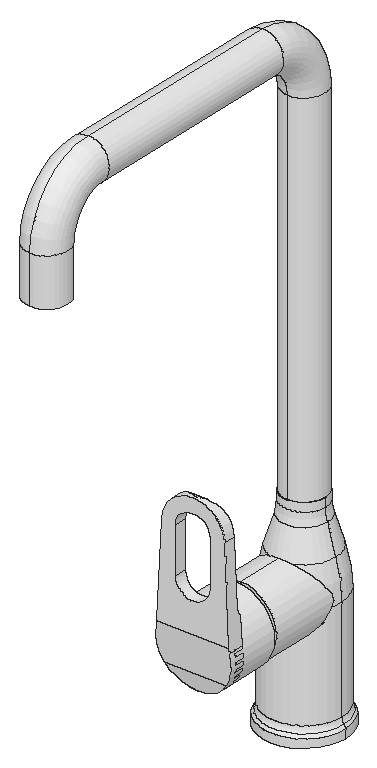
Revit family "KR5025551_Grifería para Lavaplatos Monocontrol Koral Mate Black", category Plumbing Fixtures, host Face, Revit 2019
Family settings
  Host = Face
  Round Connector Dimension = Use Diameter
  Part Type = Normal
  OmniClass Number = 23.31.11.00
  OmniClass Title = Faucets
  Cut with Voids When Loaded = No
  Shared = No
  Room Calculation Point = No
Parameters
  URL = "https://corona.co/productos/griferias/griferia-para-lavaplatos-monocontrol-koral/p/KR5025551"
  Temperatura de uso = "4ºC a 60ºC"  # constant formula
  Reference = "KR5025551"  # constant formula
  Profundidad = 221 mm
  Presion minima = "20 psi (138 Kpa)"  # constant formula
  Presion maxima = "125 psi (862 Kpa)"  # constant formula
  Peso Neto aprox = "988 gr. - 2,17 lb"  # constant formula
  Material = Corona_Mate_Black
  Garantía = "30 años"  # constant formula
  Fecha de creación = "09/10/2020"  # constant formula
  Fabricante = "Corona"  # constant formula
  Dimensiones generales producto (H * W * D) = "988 gr. - 2,17 lb"  # constant formula
  Default Elevation = 1219.2 mm
  Creado por = "IDD"  # constant formula
  Capacidad de flujo = "60 psi: 7,28 L/min"  # constant formula
  Ancho = 48 mm
  Alto = 370 mm
Reference planes
  plane 1 "Center (Front/Back)": y = 0
  plane 2: z = 0
  plane 3 "Center (Left/Right)": x = 0
  plane 4: z = 370
  plane 5: x = -569.784
  plane 6: x = 185
  plane 7: z = 358
  plane 8: y = -185
  plane 9: x = 21.833
  plane 10: x = -21.833
  plane 11: y = 24
  plane 12: y = -197
Forms (mm)
  Revolve 1, solid, material "Corona_Mate_Black" <- "Material", detail levels medium+fine
    sketch origin (0, 0, 0) x (1, 0, 0) y (0, 0, 1)
      loop
        line (0, 120) -> (-12.301, 120) -> (-12.301, 115.083)
        arc (-12.301, 115.083) -> (-12.575, 111.388) -> (-13.393, 107.774) r 25
        line (-13.393, 107.774) -> (-18.413, 91.354)
        arc (-18.413, 91.354) -> (-20.866, 80.512) -> (-21.69, 69.426) r 75
        line (-21.69, 69.426) -> (-21.69, 10.5)
        arc (-21.69, 10.5) -> (-21.962, 8.628) -> (-22.755, 6.911) r 6.576
        line (-22.755, 6.911) -> (-24, 5) -> (-24, 0) -> (0, 0) -> (0, 120)
      axis (0, 0) -> (0, 120)
    angle from 0 to 360
  Sweep 2, solid, material "Corona_Mate_Black" <- "Material", detail levels medium+fine
    path origin (0, 0, 0) x (0, -1, 0) y (0, 0, 1)
      loop
        line (0, 120) -> (0, 328)
        arc (0, 328) -> (8.787, 349.213) -> (30, 358) r 30
        line (30, 358) -> (155, 358)
        arc (155, 358) -> (176.213, 349.213) -> (185, 328) r 30
        line (185, 328) -> (185, 300.67)
    profile origin (0, 0, 224) x (0, 1, 0) y (-1, 0, 0)
      loop
        circle (0, 0) r 12
  Revolve 3, solid, material "Corona_Mate_Black" <- "Material", detail levels medium+fine
    sketch origin (0, 0, 0) x (0, 1, 0) y (0, 0, 1)
      loop
        line (-76.437, 71.689) -> (-76.437, 49.857) -> (-48.931, 49.857) -> (-48.931, 54.677) -> (-45.876, 54.677) -> (-45.876, 50.926) -> (0, 50.926) -> (0, 71.689) -> (-76.437, 71.689)
      axis (0, 71.689) -> (-76.437, 71.689)
    angle from 0 to 360
  Extrusion 4, solid, material "Corona_Mate_Black" <- "Material", detail levels medium+fine
    sketch origin (0, 0, 0) x (0, 1, 0) y (0, 0, 1)
      loop
        line (-76.437, 49.857) -> (-71.218, 50.778) -> (-71.218, 93.509) -> (-71.844, 94.053)
        arc (-71.844, 94.053) -> (-72.776, 95.3) -> (-73.106, 96.822) r 3.669
        line (-73.106, 96.822) -> (-73.106, 143.988)
        arc (-73.106, 143.988) -> (-74.265, 146.984) -> (-76.038, 149.663) r 14.936
        arc (-76.038, 149.663) -> (-77.022, 150.425) -> (-78.237, 150.697) r 2.857
        line (-78.237, 150.697) -> (-79.91, 150.697) -> (-79.91, 80.183)
        arc (-79.91, 80.183) -> (-79.448, 69.594) -> (-78.064, 59.086) r 121.495
        line (-78.064, 59.086) -> (-76.437, 49.857)
    from -21.833 to 21.833
  Extrusion 5, void, detail levels medium+fine
    sketch origin (0, 0, 0) x (1, 0, 0) y (0, 0, 1)
      loop
        arc (-20.984, 77.713) -> (-17.437, 58.553) -> (0, 49.857) r 21.831
        arc (0, 49.857) -> (17.437, 58.553) -> (20.984, 77.713) r 21.831
        line (20.984, 77.713) -> (18.047, 133.57)
        arc (18.047, 133.57) -> (0, 150.697) -> (-18.056, 133.571) r 18.072
        line (-18.056, 133.571) -> (-20.984, 77.713)
      loop
        line (-25.931, 136.17) -> (-29.362, 70.711)
        arc (-29.362, 70.711) -> (-22.882, 46.3) -> (0, 35.607) r 29.831
        arc (0, 35.607) -> (22.882, 46.3) -> (29.362, 70.711) r 29.831
        line (29.362, 70.711) -> (25.931, 136.17)
        arc (25.931, 136.17) -> (0, 164.947) -> (-25.931, 136.17) r 26.072
    from 48.931 to 98.911
  Extrusion 6, void, detail levels medium+fine
    sketch origin (0, 0, 0) x (1, 0, 0) y (0, 0, 1)
      loop
        line (-10.058, 133.152) -> (-10.058, 106.848)
        arc (-10.058, 106.848) -> (0, 97.303) -> (10.058, 106.848) r 10.072
        line (10.058, 106.848) -> (10.058, 133.152)
        arc (10.058, 133.152) -> (0, 142.697) -> (-10.058, 133.152) r 10.072
    from 45.876 to 118.106
  Extrusion 7, solid, material "Cubo", detail levels coarse
    sketch origin (0, 0, 0) x (1, 0, 0) y (0, 1, 0)
      loop
        line (-24, 23.983) -> (-24, -197) -> (24, -197) -> (24, 23.983) -> (-24, 23.983)
    from 0 to 370
Cuts and joins
  Extrusion 5, Extrusion 6 cuts Sweep 2
  Extrusion 5 cuts Revolve 3
  Extrusion 5, Extrusion 6 cuts Extrusion 4
  Extrusion 6 cuts Revolve 1
Lines and regions (mm)
  model lines
    curve 1: line (-24, 0, 5) -> (24, 0, 5)
    curve 2: line (24, 0, 0) -> (-24, 0, 0)
Dimensions and locks
  plane 4 to host face = 370 mm
  plane 6 to plane 3 "Center (Left/Right)" = 185 mm
  "Alto": plane 4 to host face
  "Ancho": Extrusion 7 to Extrusion 7
  "Profundidad": plane 12 to plane 11
  aligned and locked: plane 2 to host face
  aligned and locked: level to host face
Automatic sketch dimensions
  curve 2 to level = 0 mm
  curve 2 to plane 10 = 2.167 mm
  curve 1 to plane 10 = 2.167 mm
  curve 2 to plane 9 = 2.167 mm
  curve 1 to plane 9 = 2.167 mm
  curve 2 to curve 1 = 5 mm
  host sketch curve to host sketch curve = 2438.4 mm  (x2)
  Revolve 1 sketch curve to level = 0 mm
  Revolve 1 sketch curve to plane 3 "Center (Left/Right)" = 0 mm  (x2)
  plane 10 to Revolve 1 sketch curve = 9.532 mm
  Revolve 1 sketch curve to Revolve 1 sketch curve = 1.092 mm
  plane 10 to Revolve 1 sketch curve = 3.42 mm
  plane 10 to Revolve 1 sketch curve = 0.143 mm
  Revolve 1 sketch curve to plane 10 = 0.923 mm
  Revolve 1 sketch curve to plane 10 = 2.167 mm
  Revolve 1 sketch curve to plane 10 = 6.433 mm
  Revolve 1 sketch curve to plane 10 = 15.468 mm
  Revolve 1 sketch curve to plane 9 = 31.477 mm
  Revolve 1 sketch curve to Revolve 1 sketch curve = 5 mm  (x2)
  Revolve 1 sketch curve to Revolve 1 sketch curve = 1.911 mm
  Revolve 1 sketch curve to Revolve 1 sketch curve = 58.926 mm
  Revolve 1 sketch curve to Revolve 1 sketch curve = 16.42 mm
  Revolve 1 sketch curve to Revolve 1 sketch curve = 4.917 mm
  Revolve 1 sketch curve to Revolve 1 sketch curve = 0 mm
  Sweep 2 sketch curve to plane 1 "Center (Front/Back)" = 0 mm
  Sweep 2 sketch curve to plane 7 = 0 mm
  Sweep 2 sketch curve to plane 8 = 0 mm
  plane 1 "Center (Front/Back)" to Sweep 2 sketch curve = 30 mm
  Sweep 2 sketch curve to plane 7 = 30 mm
  Sweep 2 sketch curve to Sweep 2 sketch curve = 27.33 mm
  level to Sweep 2 sketch curve = 120 mm
  profile plane to Sweep 2 sketch curve = 0 mm
  Sweep 2 sketch curve to profile plane = 0 mm
  Revolve 3 sketch curve to plane 1 "Center (Front/Back)" = 0 mm
  plane 1 "Center (Front/Back)" to Revolve 3 sketch curve = 45.876 mm
  Revolve 3 sketch curve to Revolve 3 sketch curve = 3.055 mm
  Revolve 3 sketch curve to Revolve 3 sketch curve = 27.506 mm
  level to Revolve 3 sketch curve = 49.857 mm
  Revolve 3 sketch curve to Revolve 3 sketch curve = 1.069 mm
  Revolve 3 sketch curve to Revolve 3 sketch curve = 3.751 mm
  Revolve 3 sketch curve to Revolve 3 sketch curve = 21.831 mm
  Revolve 3 sketch curve to Revolve 3 sketch curve = 6.926 mm
  Revolve 3 sketch curve to Revolve 3 sketch curve = 11.637 mm
  Revolve 3 sketch curve to Revolve 3 sketch curve = 0 mm
  plane 1 "Center (Front/Back)" to Extrusion 4 sketch curve = 87.535 mm
  Extrusion 4 sketch curve to Extrusion 4 sketch curve = 7.625 mm
  Extrusion 4 sketch curve to Extrusion 4 sketch curve = 1.673 mm
  level to Extrusion 4 sketch curve = 59.086 mm
  Extrusion 4 sketch curve to Extrusion 4 sketch curve = 1.846 mm
  Extrusion 4 sketch curve to Extrusion 4 sketch curve = 1.627 mm
  Extrusion 4 sketch curve to Extrusion 4 sketch curve = 5.131 mm
  Extrusion 4 sketch curve to Extrusion 4 sketch curve = 1.262 mm
  Extrusion 4 sketch curve to Extrusion 4 sketch curve = 0.626 mm
  Extrusion 4 sketch curve to Extrusion 4 sketch curve = 3.669 mm
  Extrusion 4 sketch curve to plane 11 = 17.585 mm
  Extrusion 4 sketch curve to Extrusion 4 sketch curve = 8.308 mm
  Extrusion 4 sketch curve to Extrusion 4 sketch curve = 13.326 mm
  Extrusion 4 sketch curve to Extrusion 4 sketch curve = 0.544 mm
  Extrusion 4 sketch curve to Extrusion 4 sketch curve = 43.308 mm
  Extrusion 4 sketch curve to Extrusion 4 sketch curve = 3.858 mm
  Extrusion 4 sketch curve to Extrusion 4 sketch curve = 3.852 mm
  Extrusion 4 sketch curve to Extrusion 4 sketch curve = 2.857 mm
  Extrusion 5 sketch curve to Extrusion 5 sketch curve = 0 mm  (x6)
  Extrusion 5 sketch curve to plane 3 "Center (Left/Right)" = 0 mm  (x4)
  plane 10 to Extrusion 5 sketch curve = 0.849 mm
  Extrusion 5 sketch curve to plane 10 = 4.098 mm
  Extrusion 5 sketch curve to plane 10 = 7.529 mm
  plane 9 to Extrusion 5 sketch curve = 0.849 mm
  Extrusion 5 sketch curve to plane 9 = 4.098 mm
  Extrusion 5 sketch curve to plane 9 = 7.529 mm
  level to Extrusion 5 sketch curve = 65.439 mm
  Extrusion 5 sketch curve to Extrusion 5 sketch curve = 5.273 mm
  Extrusion 5 sketch curve to Extrusion 5 sketch curve = 6.25 mm  (x2)
  Extrusion 5 sketch curve to Extrusion 5 sketch curve = 7.001 mm
  Extrusion 5 sketch curve to Extrusion 5 sketch curve = 54.912 mm
  Extrusion 5 sketch curve to Extrusion 5 sketch curve = 3.545 mm
  plane 10 to Extrusion 5 sketch curve = 3.786 mm
  Extrusion 5 sketch curve to Extrusion 5 sketch curve = 0.009 mm  (x2)
  plane 9 to Extrusion 5 sketch curve = 3.786 mm
  Extrusion 5 sketch curve to Extrusion 5 sketch curve = 2.599 mm
  Extrusion 6 sketch curve to plane 3 "Center (Left/Right)" = 0 mm  (x2)
  Extrusion 6 sketch curve to plane 3 "Center (Left/Right)" = 10.058 mm
  plane 3 "Center (Left/Right)" to Extrusion 6 sketch curve = 10.058 mm
  level to Extrusion 6 sketch curve = 106.848 mm
  Extrusion 6 sketch curve to Extrusion 6 sketch curve = 0.527 mm  (x2)
  Extrusion 6 sketch curve to Extrusion 6 sketch curve = 25.249 mm
  plane 12 to Extrusion 7 sketch curve = 0 mm
  Extrusion 7 sketch curve to plane 10 = 2.167 mm
  Extrusion 7 sketch curve to plane 9 = 2.167 mm
  plane 11 to Extrusion 7 sketch curve = 0.017 mm
  radius of Sweep 2 sketch curve = 12 mm
Nested families
  nested 1: "Family2" at (0, 0, 0) x (0, -1, 0) z (1, 0, 0), type "Family2", detail levels coarse
Connectors
  piping at (0, 0, 0), diameter 15
    settings: on cut or joined group of Revolve 1, Extrusion 6, index 1, connector inside diameter 609.6 mm, connector length 0 mm, flow factor 0, pipe flow 0.0 L/s, pressure drop 0.0 Pa, fitting loss kfactor 0, connector angle 0.00°, fixture units 0, engagement length 0 mm, angle of deflection 0.00°, flow configuration 0, flow direction 0, fitting loss method 0, system type 20, joint type 0, gender type 0, connector reference index -1, connector utility 0, adjustable connector no, is connector primary yes, connector description ""
Definition of nested family "Family2"
  Reference planes
    plane 1 "Center (Front/Back)": y = 0
    plane 2: z = 0
    plane 3 "Center (Left/Right)": x = 0
    plane 4: y = 370
    plane 5: x = 185
    plane 6: y = 346
  Lines and regions (mm)
    detail lines, in view "Ref. Level"
      curve 1: line (0, 0, 0) -> (25, 0, 0)
      curve 2: line (25, 0, 0) -> (25, 6.127, 0)
      curve 3: line (0, 0, 0) -> (-25, 0, 0)
      curve 4: line (-25, 0, 0) -> (-25, 6.127, 0)
      curve 5: line (-25, 6.127, 0) -> (25, 6.127, 0)
      curve 6: line (25, 6.127, 0) -> (21.503, 9.061, 0)
      curve 7: line (21.503, 9.061, 0) -> (21.503, 41.667, 0)
      curve 8: line (31.503, 51.667, 0) -> (45.546, 51.667, 0)
      curve 9: line (45.546, 53.93, 0) -> (54.9, 57.334, 0)
      curve 10: line (54.9, 57.334, 0) -> (58.433, 50.091, 0)
      curve 11: line (58.433, 50.091, 0) -> (76.553, 50.091, 0)
      curve 12: line (76.553, 50.091, 0) -> (79.54, 68.95, 0)
      curve 13: line (79.54, 68.95, 0) -> (79.54, 150.499, 0)
      curve 14: line (79.54, 150.499, 0) -> (78.402, 150.499, 0)
      curve 15: line (76.126, 148.992, 0) -> (75.568, 147.678, 0)
      curve 16: line (73.648, 138.24, 0) -> (73.648, 94.62, 0)
      curve 17: line (73.648, 94.62, 0) -> (48.648, 94.62, 0)
      curve 18: line (48.648, 94.62, 0) -> (48.648, 89.62, 0)
      curve 19: line (48.648, 89.62, 0) -> (45.546, 89.62, 0)
      curve 20: line (45.546, 89.62, 0) -> (45.546, 94.62, 0)
      curve 21: line (45.546, 94.62, 0) -> (32, 94.62, 0)
      curve 22: line (12, 114.62, 0) -> (12, 321, 0)
      curve 23: line (-12, 121.515, 0) -> (-12, 320, 0)
      curve 24: line (37, 346, 0) -> (148, 346, 0)
      curve 25: line (173, 321, 0) -> (173, 301, 0)
      curve 26: line (197, 320, 0) -> (197, 301, 0)
      curve 27: line (173, 301, 0) -> (197, 301, 0)
      curve 28: line (38, 370, 0) -> (147, 370, 0)
      curve 29: line (45.546, 89.62, 0) -> (45.546, 51.667, 0)
      curve 30: line (54.9, 57.334, 0) -> (48.648, 70.153, 0)
      curve 31: line (48.648, 70.153, 0) -> (48.648, 89.62, 0)
      curve 32: line (-25, 6.127, 0) -> (-21.503, 9.061, 0)
      curve 33: line (-21.503, 9.061, 0) -> (-21.503, 74.304, 0)
      curve 34: line (-18.638, 93.389, 0) -> (-13.913, 108.772, 0)
      curve 35: arc (12, 114.62, 0) -> (17.858, 100.478, 0) -> (32, 94.62, 0) r 20
      curve 36: arc (-18.638, 93.389, 0) -> (-20.783, 83.953, 0) -> (-21.503, 74.304, 0) r 65
      curve 37: arc (-13.913, 108.772, 0) -> (-12.481, 115.072, 0) -> (-12, 121.515, 0) r 43.4
      curve 38: arc (21.503, 41.667, 0) -> (24.432, 48.738, 0) -> (31.503, 51.667, 0) r 10
      curve 39: arc (75.568, 147.678, 0) -> (74.133, 143.056, 0) -> (73.648, 138.24, 0) r 24.155
      curve 40: arc (78.402, 150.499, 0) -> (77.037, 150.088, 0) -> (76.126, 148.992, 0) r 2.472
      curve 41: arc (12, 321, 0) -> (19.322, 338.678, 0) -> (37, 346, 0) r 25
      curve 42: arc (-12, 320, 0) -> (2.645, 355.355, 0) -> (38, 370, 0) r 50
      curve 43: arc (148, 346, 0) -> (165.678, 338.678, 0) -> (173, 321, 0) r 25
      curve 44: arc (147, 370, 0) -> (182.355, 355.355, 0) -> (197, 320, 0) r 50
